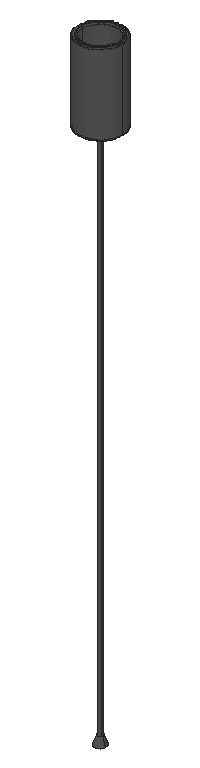
Revit family "CARLO CYLINDER LIGHT Pendant_ Surface", category Lighting Fixtures, host Face, Revit 2020 (continued)
Types (13): name | Wattage_Input | Wattage Comments | Wattage | built-in parameter 1150134 | Size 08 | Size 04 | Photometric Web File | built-in parameter 1150142 | Model | built-in parameter 1150105 | Lumens | built-in parameter 1150107 | built-in parameter 1150106 | Fixture Height | Fixture Diameter | BEAMING ANGLE | Apparent Load
  CCL3-06-10SPSW8-25-PSM-BK | 10 W | "6W/8W/10W" | 6.05889 W | (empty or 0) | yes | no | "CCL3 10W 3000K 25° (up and down light).IES" | "IESNA:LM-63-2002\r\n[TEST] CCL3 10W 3000K 25¡ã (up and down light)\r\n[TESTLAB] EVERFINE\r\n[TESTDATE] 20270704\r\n[ISSUEDATE] 2024-07-05 01:00:20\r\n[NEARFIELD] \r\n[LAMPPOSITION] 0,0\r\n[OTHER] EVERFINE GO-2000_V1 SYSTEM\r\n[MANUFAC] Aboveall lighting\r\nTILT=NONE\r\n1 744.37 1 361 73 1 2 0.000 0.000 0.000\r\n1.000 1 9.39523\r\n0.0    0.5    1.0    1.5    2.0    2.5    3.0    3.5    4.0    4.5    \r\n 5.0    5.5    6.0    6.5    7.0    7.5    8.0    8.5    9.0    9.5    \r\n 10.0   10.5   11.0   11.5   12.0   12.5   13.0   13.5   14.0   14.5   \r\n 15.0   15.5   16.0   16.5   17.0   17.5   18.0   18.5   19.0   19.5   \r\n 20.0   20.5   21.0   21.5   22.0   22.5   23.0   23.5   24.0   24.5   \r\n 25.0   25.5   26.0   26.5   27.0   27.5   28.0   28.5   29.0   29.5   \r\n 30.0   30.5   31.0   31.5   32.0   32.5   33.0   33.5   34.0   34.5   \r\n 35.0   35.5   36.0   36.5   37.0   37.5   38.0   38.5   39.0   39.5   \r\n 40.0   40.5   41.0   41.5   42.0   42.5   43.0   43.5   44.0   44.5   \r\n 45.0   45.5   46.0   46.5   47.0   47.5   48.0   48.5   49.0   49.5   \r\n 50.0   50.5   51.0   51.5   52.0   52.5   53.0   53.5   54.0   54.5   \r\n 55.0   55.5   56.0   56.5   57.0   57.5   58.0   58.5   59.0   59.5   \r\n 60.0   60.5   61.0   61.5   62.0   62.5   63.0   63.5   64.0   64.5   \r\n 65.0   65.5   66.0   66.5   67.0   67.5   68.0   68.5   69.0   69.5   \r\n 70.0   70.5   71.0   71.5   72.0   72.5   73.0   73.5   74.0   74.5   \r\n 75.0   75.5   76.0   76.5   77.0   77.5   78.0   78.5   79.0   79.5   \r\n 80.0   80.5   81.0   81.5   82.0   82.5   83.0   83.5   84.0   84.5   \r\n 85.0   85.5   86.0   86.5   87.0   87.5   88.0   88.5   89.0   89.5   \r\n 90.0   90.5   91.0   91.5   92.0   92.5   93.0   93.5   94.0   94.5   \r\n 95.0   95.5   96.0   96.5   97.0   97.5   98.0   98.5   99.0   99.5   \r\n 100.0  100.5  101.0  101.5  102.0  102.5  103.0  103.5  104.0  104.5  \r\n 105.0  105.5  106.0  106.5  107.0  107.5  108.0  108.5  109.0  109.5  \r\n 110.0  110.5  111.0  111.5  112.0  112.5  113.0  113.5  114.0  114.5  \r\n 115.0  115.5  116.0  116.5  117.0  117.5  118.0  118.5  119.0  119.5  \r\n 120.0  120.5  121.0  121.5  122.0  122.5  123.0  123.5  124.0  124.5  \r\n 125.0  125.5  126.0  126.5  127.0  127.5  128.0  128.5  129.0  129.5  \r\n 130.0  130.5  131.0  131.5  132.0  132.5  133.0  133.5  134.0  134.5  \r\n 135.0  135.5  136.0  136.5  137.0  137.5  138.0  138.5  139.0  139.5  \r\n 140.0  140.5  141.0  141.5  142.0  142.5  143.0  143.5  144.0  144.5  \r\n 145.0  145.5  146.0  146.5  147.0  147.5  148.0  148.5  149.0  149.5  \r\n 150.0  150.5  151.0  151.5  152.0  152.5  153.0  153.5  154.0  154.5  \r\n 155.0  155.5  156.0  156.5  157.0  157.5  158.0  158.5  159.0  159.5  \r\n 160.0  160.5  161.0  161.5  162.0  162.5  163.0  163.5  164.0  164.5  \r\n 165.0  165.5  166.0  166.5  167.0  167.5  168.0  168.5  169.0  169.5  \r\n 170.0  170.5  171.0  171.5  172.0  172.5  173.0  173.5  174.0  174.5  \r\n 175.0  175.5  176.0  176.5  177.0  177.5  178.0  178.5  179.0  179.5  \r\n 180.0  \r\n0.0    5.0    10.0   15.0   20.0   25.0   30.0   35.0   40.0   45.0   \r\n 50.0   55.0   60.0   65.0   70.0   75.0   80.0   85.0   90.0   95.0   \r\n 100.0  105.0  110.0  115.0  120.0  125.0  130.0  135.0  140.0  145.0  \r\n 150.0  155.0  160.0  165.0  170.0  175.0  180.0  185.0  190.0  195.0  \r\n 200.0  205.0  210.0  215.0  220.0  225.0  230.0  235.0  240.0  245.0  \r\n 250.0  255.0  260.0  265.0  270.0  275.0  280.0  285.0  290.0  295.0  \r\n 300.0  305.0  310.0  315.0  320.0  325.0  330.0  335.0  340.0  345.0  \r\n 350.0  355.0  360.0  \r\n1448.4 1448.2 1441.8 1430.8 1416.1 1398.1 1378 1357.2 1334.7 1310.2 \r\n 1283.2 1253.2 1219.1 1179.5 1135.9 1089.4 1041.1 992.48 943.23 893.44 \r\n 843.23 792.53 742.08 692.67 644.09 596.02 549.5 505.54 463.97 424.97 \r\n 388.51 354.44 323.25 295.38 270.8 249.82 231.88 216.68 203.81 192.76 \r\n 183.49 175.9 169.6 164.18 159.56 155.59 152.17 149.17 146.56 144.32 \r\n 142.35 140.54 138.97 137.78 136.76 135.74 134.73 133.69 132.65 131.66 \r\n 130.75 129.98 129.27 128.55 127.8 127.06 126.18 125.02 123.61 122.09 \r\n 119.92 116.47 112.14 107.15 101.53 95.303 88.682 81.914 74.893 67.528 \r\n 60.023 52.434 45.113 38.552 32.387 26.08 20.643 17.155 14.875 13.603 \r\n 12.798 11.79 10.771 9.6984 8.6042 7.4628 6.4006 5.5192 4.8669 4.6101 \r\n 4.4955 4.2965 4.0993 3.9158 3.7421 3.5784 3.4251 3.2846 3.1521 3.0269 \r\n 2.8994 2.7573 2.6073 2.4455 2.291 2.175 2.0577 1.8954 1.7301 1.5968 \r\n 1.4729 1.3482 1.2211 1.0781 0.94488 0.85382 0.77129 0.66528 0.56334 0.48537 \r\n 0.42228 0.37212 0.33352 0.30621 0.28498 0.26313 0.24482 0.23342 0.22456 0.21602 \r\n 0.20849 0.20245 0.19643 0.1887 0.18048 0.17248 0.16446 0.15644 0.14843 0.14041 \r\n 0.1324 0.12414 0.11637 0.11008 0.1043 0.098534 0.092278 0.084289 0.076294 0.070262 \r\n 0.064229 0.056235 0.048243 0.041466 0.036179 0.034131 0.032101 0.026637 0.020181 0.013929 \r\n 0.0081593 0.0033822 0.000096 0 0 0 0 0 0 0 \r\n 0 0 0 0 0 0 0 0 0 0 \r\n 0 0 0 0 0 0.0014816 0.0039591 0.0074417 0.011926 0.016423 \r\n 0.023902 0.040049 0.055734 0.061362 0.064014 0.06779 0.072028 0.077767 0.084008 0.090018 \r\n 0.096029 0.10178 0.10802 0.11576 0.124 0.13176 0.14003 0.15002 0.16001 0.16805 \r\n 0.17609 0.18584 0.19608 0.20585 0.21612 0.22564 0.24011 0.26772 0.29983 0.32565 \r\n 0.35994 0.41502 0.48747 0.59085 0.70238 0.79244 0.89502 1.0485 1.2101 1.3426 \r\n 1.4672 1.5886 1.7198 1.8885 2.0554 2.1742 2.293 2.4562 2.6284 2.7893 \r\n 2.9373 3.0555 3.1705 3.3076 3.4545 3.6065 3.7659 3.9328 4.1101 4.3054 \r\n 4.5062 4.6855 4.895 5.1283 5.5332 6.318 7.2951 8.3385 9.4704 10.7 \r\n 11.94 12.918 14.198 16.178 19.074 23.376 28.662 34.792 41.413 48.069 \r\n 54.937 62.092 69.387 76.731 84.028 91.246 98.104 104.21 109.86 115.5 \r\n 120.28 123.22 125.16 126.55 127.61 128.73 129.75 130.58 131.38 132.3 \r\n 133.27 134.23 135.21 136.24 137.3 138.39 139.53 140.71 142.03 143.55 \r\n 145.27 147.16 149.4 152.13 155.35 159.05 163.34 168.26 174.05 180.92 \r\n 189 197.76 209.46 227.61 248.04 267.4 286.78 304.52 325.53 355.67 \r\n 390.42 426.91 465.97 507.76 551.47 596.23 642.51 690.9 740.25 789.45 \r\n 839.01 889.37 939.73 989.72 1038.6 1085.9 1130.1 1169.2 1204.2 1235.3 \r\n 1263.4 1289.2 1313.7 1338.5 1362.4 1385 1405.6 1423.5 1437.6 1446.3 \r\n 1452.3 \r\n1448.4 1447.7 1441.1 1429.8 1414.8 1396.8 1376.7 1356.1 1333.7 1309 \r\n 1281.5 1251.2 1217 1177.1 1133.3 1086.8 1038.5 989.6 940.02 890.16 \r\n 839.98 789.32 738.93 689.6 641.1 593.09 546.68 502.94 461.61 422.81 \r\n 386.5 352.33 321.44 295.32 272.48 251.84 233.57 217.36 203.52 192.53 \r\n 183.56 176.01 169.71 164.3 159.71 155.75 152.35 149.38 146.8 144.57 \r\n 142.6 140.78 139.21 138.01 136.97 135.9 134.85 133.8 132.76 131.76 \r\n 130.82 130.03 129.28 128.54 127.78 127.01 126.11 124.97 123.57 122.04 \r\n 119.82 116.23 111.77 106.72 101.08 94.82 88.155 81.279 74.188 66.931 \r\n 59.541 51.918 44.508 37.82 31.566 25.342 20.007 16.499 14.191 12.982 \r\n 12.228 11.145 10.058 9.0435 8.0638 7.0785 6.1756 5.4142 4.8411 4.5926 \r\n 4.4595 4.2502 4.0479 3.8789 3.7229 3.5667 3.4159 3.2714 3.1349 3.014 \r\n 2.8915 2.7494 2.5977 2.4337 2.2779 2.1644 2.05 1.8885 1.7232 1.589 \r\n 1.4638 1.3374 1.2091 1.0669 0.93434 0.84142 0.75687 0.65067 0.54914 0.47155 \r\n 0.40904 0.3597 0.32201 0.29558 0.27514 0.25384 0.23607 0.22566 0.21748 0.20794 \r\n 0.19916 0.19266 0.18671 0.17993 0.17266 0.16467 0.15628 0.1475 0.13896 0.13166 \r\n 0.12451 0.11631 0.1085 0.10247 0.097208 0.092647 0.087223 0.078332 0.069028 0.062201 \r\n 0.055737 0.047962 0.040439 0.03403 0.029156 0.027542 0.026132 0.021745 0.016483 0.011273 \r\n 0.0064697 0.0026517 0.000076 0 0 0 0 0 0 0 \r\n 0 0 0 0 0 0 0 0 0 0.0018719 \r\n 0.0038155 0.004198 0.0043893 0.0052342 0.006676 0.0089349 0.012025 0.016145 0.020958 0.025149 \r\n 0.03185 0.046492 0.06087 0.066518 0.06966 0.073965 0.078637 0.084251 0.090366 0.096823 \r\n 0.10335 0.10938 0.11569 0.1231 0.13099 0.13872 0.1471 0.15741 0.16755 0.17485 \r\n 0.18226 0.19259 0.20364 0.21385 0.22503 0.23746 0.2542 0.28005 0.31003 0.33701 \r\n 0.37219 0.42356 0.49362 0.59487 0.70529 0.7974 0.9001 1.0439 1.1964 1.3319 \r\n 1.4614 1.5815 1.7108 1.8803 2.0499 2.1762 2.3 2.4555 2.619 2.7814 \r\n 2.934 3.0569 3.1752 3.3096 3.453 3.6051 3.7662 3.9368 4.1164 4.306 \r\n 4.501 4.6815 4.8944 5.1316 5.5381 6.3144 7.2858 8.3478 9.4913 10.691 \r\n 11.891 12.863 14.094 15.888 18.559 22.663 27.778 33.782 40.337 47.031 \r\n 53.974 61.19 68.533 75.901 83.181 90.286 97.044 103.18 108.91 114.66 \r\n 119.61 122.83 125.03 126.53 127.6 128.69 129.67 130.5 131.32 132.25 \r\n 133.22 134.16 135.11 136.13 137.18 138.25 139.37 140.55 141.84 143.3 \r\n 144.94 146.8 148.98 151.59 154.67 158.24 162.39 167.15 172.77 179.5 \r\n 187.44 196.14 207.52 224.42 243.58 262.37 281.67 300.14 321.87 351.81 \r\n 386.02 421.96 460.45 501.71 545.05 589.81 636.15 684.35 733.46 782.46 \r\n 831.83 881.89 932.02 982.01 1031 1078.3 1122.8 1162.6 1198.4 1229.7 \r\n 1258 1284.1 1308.9 1333.6 1357.6 1380.8 1402.1 1420.5 1435.3 1445 \r\n 1452.3 \r\n1448.4 1447.2 1440.3 1428.8 1413.7 1395.7 1375.7 1355.2 1332.9 1307.8 \r\n 1279.8 1249.3 1214.9 1174.7 1130.9 1084.6 1036.5 987.32 937.45 887.54 \r\n 837.39 786.77 736.44 687.15 638.7 590.78 544.5 500.97 459.87 421.21 \r\n 385.01 350.7 320.08 295.79 274.77 254.58 235.99 218.54 203.48 192.47 \r\n 183.79 176.25 169.91 164.5 159.91 155.96 152.58 149.64 147.1 144.87 \r\n 142.89 141.07 139.5 138.28 137.22 136.1 135.01 133.95 132.92 131.9 \r\n 130.94 130.1 129.31 128.54 127.75 126.95 126.02 124.89 123.51 121.96 \r\n 119.7 116 111.42 106.3 100.6 94.298 87.577 80.552 73.351 66.189 \r\n 58.919 51.292 43.822 36.996 30.64 24.516 19.297 15.734 13.353 12.186 \r\n 11.473 10.314 9.1664 8.2191 7.3724 6.5752 5.8696 5.2691 4.8073 4.5714 \r\n 4.4149 4.1949 3.9877 3.8344 3.6981 3.552 3.4059 3.2579 3.117 2.9999 \r\n 2.8822 2.7412 2.589 2.4227 2.265 2.1529 2.041 1.8819 1.7179 1.5817 \r\n 1.4537 1.3256 1.1964 1.0555 0.9236 0.8271 0.73898 0.63325 0.53318 0.45594 \r\n 0.39379 0.34538 0.30871 0.28298 0.26315 0.24234 0.22513 0.21584 0.20843 0.1977 \r\n 0.18739 0.1802 0.17413 0.16833 0.16212 0.15425 0.14558 0.13609 0.12711 0.12069 \r\n 0.11457 0.10643 0.098565 0.092913 0.088279 0.084983 0.080416 0.070637 0.059961 0.052067 \r\n 0.044924 0.037397 0.030467 0.02454 0.020192 0.019054 0.018359 0.015336 0.011634 0.0078547 \r\n 0.0043752 0.0017628 0.000051 0 0 0 0 0 0 0 \r\n 0 0 0 0 0 0 0 0 0 0.0042716 \r\n 0.0087337 0.0097146 0.010258 0.012518 0.015491 0.018805 0.022712 0.027536 0.03268 0.036625 \r\n 0.042471 0.055074 0.06766 0.073437 0.077316 0.08219 0.087325 0.092946 0.099068 0.106 \r\n 0.11309 0.11957 0.12611 0.13316 0.1406 0.14825 0.15667 0.16718 0.17735 0.18392 \r\n 0.19075 0.20162 0.21347 0.22427 0.23663 0.25249 0.27184 0.29544 0.32287 0.35182 \r\n 0.38876 0.43739 0.50368 0.60205 0.71084 0.80585 0.90912 1.041 1.1823 1.3214 \r\n 1.457 1.5754 1.7023 1.8724 2.0449 2.1799 2.3095 2.4554 2.6085 2.773 \r\n 2.9314 3.06 3.1822 3.3137 3.4531 3.6049 3.7668 3.9394 4.1191 4.3011 \r\n 4.4892 4.6725 4.8897 5.1297 5.5298 6.2727 7.2112 8.2747 9.4161 10.573 \r\n 11.72 12.677 13.851 15.454 17.893 21.784 26.706 32.538 38.992 45.736 \r\n 52.78 60.067 67.46 74.842 82.099 89.101 95.783 102 107.87 113.72 \r\n 118.81 122.33 124.83 126.43 127.53 128.58 129.5 130.35 131.19 132.14 \r\n 133.11 134.02 134.96 135.96 137.01 138.05 139.14 140.32 141.59 142.98 \r\n 144.55 146.37 148.5 150.98 153.91 157.34 161.35 165.92 171.36 177.95 \r\n 185.73 194.41 205.4 220.75 238.3 256.4 275.66 295.16 317.9 347.63 \r\n 381.24 416.59 454.49 495.2 538.17 582.96 629.39 677.34 726.15 774.96 \r\n 824.14 873.94 923.87 973.87 1022.9 1070.3 1115.1 1155.7 1192.3 1223.9 \r\n 1252.3 1278.8 1303.8 1328.5 1352.6 1376.4 1398.4 1417.5 1432.9 1443.6 \r\n 1452.3 \r\n1448.4 1446.7 1439.5 1427.7 1412.6 1394.6 1374.6 1354.3 1332 1306.3 \r\n 1277.9 1247.1 1212.5 1172.1 1128.2 1082.3 1034.5 985.16 935.05 885.1 \r\n 834.97 784.39 734.11 684.83 636.42 588.61 542.49 499.19 458.3 419.77 \r\n 383.67 349.23 318.89 296.32 277.02 257.33 238.5 219.81 203.51 192.46 \r\n 184.05 176.49 170.1 164.68 160.1 156.15 152.79 149.89 147.39 145.16 \r\n 143.18 141.37 139.8 138.56 137.47 136.32 135.19 134.12 133.09 132.06 \r\n 131.08 130.19 129.35 128.55 127.73 126.88 125.93 124.82 123.45 121.88 \r\n 119.56 115.77 111.09 105.87 100.07 93.728 86.946 79.749 72.412 65.325 \r\n 58.168 50.569 43.075 36.124 29.673 23.669 18.579 14.958 12.496 11.353 \r\n 10.667 9.4407 8.2429 7.3595 6.6402 6.032 5.5293 5.1059 4.771 4.5496 \r\n 4.3679 4.1381 3.9267 3.7883 3.6707 3.5355 3.3953 3.2447 3.1 2.9856 \r\n 2.8718 2.7322 2.5802 2.4122 2.2529 2.1412 2.0306 1.8748 1.7131 1.5745 \r\n 1.4432 1.3132 1.1833 1.0441 0.9132 0.81209 0.71945 0.61478 0.51701 0.44031 \r\n 0.37853 0.33115 0.29551 0.27032 0.25088 0.23049 0.21384 0.2057 0.19908 0.18708 \r\n 0.17513 0.16712 0.16083 0.15591 0.15071 0.14304 0.13421 0.12416 0.11486 0.10936 \r\n 0.10429 0.096214 0.088302 0.083055 0.079061 0.076905 0.073103 0.062589 0.050691 0.041612 \r\n 0.033647 0.026404 0.020138 0.014733 0.010919 0.010187 0.010149 0.0085267 0.006476 0.0042876 \r\n 0.002277 0.00089106 0.000027 0 0 0 0 0 0 0 \r\n 0 0 0 0 0 0 0 0 0 0.0067723 \r\n 0.013873 0.015535 0.016501 0.020242 0.024813 0.029282 0.03408 0.039577 0.045021 0.048809 \r\n 0.053863 0.064286 0.074939 0.080906 0.085611 0.091024 0.096589 0.10228 0.10848 0.11584 \r\n 0.12347 0.13057 0.13749 0.14414 0.15104 0.15861 0.16706 0.1776 0.18768 0.1937 \r\n 0.2001 0.21134 0.22383 0.23533 0.249 0.26828 0.29018 0.31143 0.33633 0.36759 \r\n 0.40667 0.45274 0.51531 0.61061 0.71763 0.81593 0.92005 1.0393 1.1689 1.312 \r\n 1.454 1.5705 1.6946 1.8653 2.0408 2.1845 2.3198 2.4558 2.5984 2.7653 \r\n 2.9299 3.0644 3.1904 3.3193 3.4548 3.6061 3.7683 3.9416 4.12 4.2939 \r\n 4.475 4.6625 4.8846 5.1274 5.5167 6.2109 7.0987 8.1506 9.2794 10.386 \r\n 11.475 12.41 13.523 14.941 17.151 20.824 25.542 31.189 37.534 44.34 \r\n 51.496 58.849 66.284 73.674 80.909 87.826 94.461 100.8 106.83 112.75 \r\n 117.95 121.78 124.58 126.3 127.43 128.44 129.31 130.17 131.03 131.99 \r\n 132.96 133.86 134.78 135.78 136.81 137.83 138.89 140.06 141.32 142.64 \r\n 144.14 145.93 148 150.37 153.14 156.43 160.29 164.69 169.95 176.39 \r\n 184.03 192.68 203.28 217.01 232.9 250.27 269.49 290.09 313.92 343.44 \r\n 376.43 411.22 448.55 488.74 531.32 576.15 622.66 670.36 718.84 767.47 \r\n 816.5 866.07 915.83 965.84 1015 1062.5 1107.4 1148.8 1186.3 1218.2 \r\n 1246.8 1273.5 1298.7 1323.4 1347.6 1372 1394.8 1414.5 1430.6 1442.3 \r\n 1452.3 \r\n1448.4 1446 1438.4 1426.4 1411.2 1393.2 1373.3 1352.9 1330.4 1304.3 \r\n 1275.3 1244.2 1209.5 1168.9 1125 1079.5 1032 982.66 932.37 882.38 \r\n 832.26 781.7 731.44 682.15 633.77 586.13 540.22 497.15 456.47 418.08 \r\n 382.1 347.63 317.58 296.44 278.6 259.41 240.46 220.77 203.43 192.38 \r\n 184.2 176.62 170.19 164.77 160.2 156.26 152.91 150.06 147.6 145.38 \r\n 143.4 141.61 140.05 138.81 137.68 136.5 135.35 134.28 133.24 132.21 \r\n 131.22 130.28 129.4 128.56 127.71 126.82 125.84 124.75 123.39 121.78 \r\n 119.4 115.52 110.74 105.4 99.487 93.099 86.26 78.887 71.405 64.361 \r\n 57.299 49.758 42.286 35.248 28.734 22.866 17.921 14.273 11.752 10.62 \r\n 9.9452 8.669 7.4363 6.5987 5.9778 5.5275 5.2015 4.9468 4.7375 4.5303 \r\n 4.3247 4.0875 3.8732 3.7464 3.6436 3.5184 3.3845 3.2327 3.0852 2.9721 \r\n 2.8603 2.7219 2.5707 2.4023 2.2422 2.1295 2.0189 1.8664 1.7076 1.5671 \r\n 1.4328 1.3008 1.17 1.0331 0.90367 0.79763 0.70014 0.59701 0.50219 0.4264 \r\n 0.36524 0.31898 0.28433 0.25948 0.24022 0.22016 0.20401 0.19695 0.19105 0.17785 \r\n 0.16435 0.1555 0.14892 0.14467 0.14031 0.13288 0.12405 0.11365 0.10419 0.099557 \r\n 0.095407 0.087391 0.079432 0.074554 0.071101 0.069776 0.066528 0.055575 0.042813 0.032589 \r\n 0.023766 0.016844 0.011266 0.0063427 0.0029689 0.0024625 0.0028662 0.0024314 0.0018502 0.0011852 \r\n 0.00057614 0.00021222 0.000007 0 0 0 0 0 0 0 \r\n 0 0 0 0 0 0 0 0 0.000096 0.0090015 \r\n 0.018353 0.020638 0.022016 0.027043 0.033009 0.038554 0.044189 0.050233 0.055907 0.059658 \r\n 0.064123 0.07262 0.081544 0.087713 0.093173 0.099024 0.10492 0.11069 0.11695 0.12463 \r\n 0.13271 0.14055 0.14799 0.15423 0.16056 0.16809 0.17658 0.18695 0.19682 0.20258 \r\n 0.20883 0.22019 0.233 
